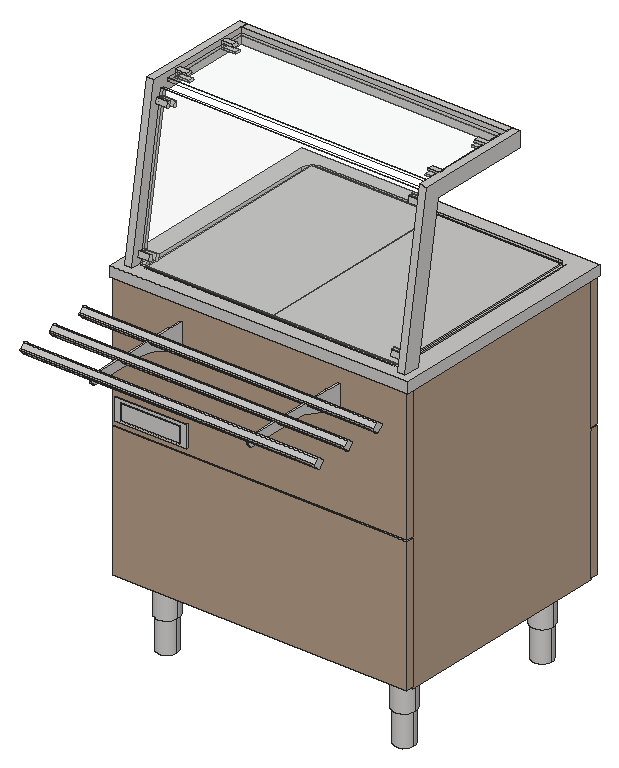
Revit family "QF_ELECTROLUXPROFESSIONAL_322084_F04H2AF01W", category Specialty Equipment, Revit 2018
Family settings
  Round Connector Dimension = Use Diameter
  Part Type = Normal
  Work Plane-Based = No
  Always vertical = Yes
  Cut with Voids When Loaded = No
  Shared = No
  Room Calculation Point = No
Parameters
  Weight = 80.00 kg
  Watts = 0 W
  Volts = 0 V
  URL Manufacturer = ""
  URL = ""
  Steam Supply Size = 0 mm
  Steam Supply Minimum Pressure = 0.0 Pa
  Steam Supply Maximum Pressure = 0.0 Pa
  Steam Pounds per Hour = 0
  Show Clearance [instance] = yes
  Refrigeration Suction Line Size = 0 mm
  Refrigeration Liquid Line Size = 0 mm
  Refrigerant Compressor Remote = yes
  Manufacturer = ""
  Phase = 0
  Model = ""
  Length Actual = 770 mm  # constant formula
  Item Number = ""
  Hot Water Size = 0 mm
  Height Actual = 1304 mm  # constant formula
  HP = "0 HP"
  Gas Size = 0 mm
  Gas KW = 0
  Gas Input Pressure = 0 W
  Direct Waste Size = 0 mm
  Description = ""
  Depth Actual = 915 mm  # constant formula
  Cycle = 0 Hz
  Condensate Return Size = 0 mm
  Compressed Air Volume = 0.0 L/s
  Compressed Air Size = 0 mm
  Compressed Air Pressure = 0.0 Pa
  Cold Water Size = 0 mm
  Accessory = yes
Types (2, lengths in mm): name | Volts | URL Manufacturer | URL | Manufacturer | Phase | Model | Item Number | Description | Cycle
  (no name) | 0 V | "" | "" | "" | 0 | "" | "" | "" | 0 Hz
  Standard | 220 V | "http://professional.electrolux.com" | "http://professional.electrolux.com" | "Electrolux Professional" | 1 | "F04H2AF01W" | "322084" | "TEMPERED GLASS TOP, 2GN H=900MM OVERSHELF W/LED LIGHTS" | 60 Hz
Reference planes
  plane 1 "Centro (Fronte/Retro)": y = 74.737
  plane 2: z = 0
  plane 3 "BACK": y = 384.737
  plane 4 "FRONT": y = -235.263
  plane 5: z = 900
  plane 6 "RIGHT": x = -129.269
  plane 7 "LEFT": x = -899.269
  plane 8: x = -514.269
  plane 9: y = 664.737
  plane 10: y = -530.02
  plane 11: z = 178
  plane 12: z = 1304
  plane 13: z = 1222
  plane 14: y = 297.737
  plane 15: y = -148.263
  plane 16: x = -821.269
  plane 17: x = -207.269
  plane 18: x = -895.269
  plane 19: y = -231.263
  plane 20: x = -133.269
  plane 21: y = 380.737
  plane 22: z = 874
  plane 23: y = 362.737
  plane 24: y = -213.263
  plane 25: z = 182
  plane 26: z = 527
  plane 27: z = 531
  plane 28: x = -308.269
  plane 29: x = -720.269
  plane 30: x = -877.394
  plane 31: x = -151.144
  plane 32: x = -171.144
  plane 33: x = -857.394
  plane 34: x = -849.269
  plane 35: x = -179.269
  plane 36: y = 130.237
  plane 37: y = 19.237
  plane 38: y = 33.237
  plane 39: y = 116.237
  plane 40: x = -787.269
  plane 41: x = -234.269
Forms (mm)
  Extrusion 1, solid, material "QF_Finishes_Wood"
    sketch origin (0, 0, 0) x (1, 0, 0) y (0, 1, 0)
      loop
        line (-895.269, 362.737) -> (-895.269, -213.263) -> (-133.269, -213.263) -> (-133.269, 362.737) -> (-895.269, 362.737)
    from 178 to 874
  Extrusion 2, solid, material "QF_Finishes_Wood"
    sketch origin (-133.269, 362.737, 0) x (0, -1, 0) y (0, 0, -1)
      loop
        line (576, -182) -> (576, -527) -> (594, -527) -> (594, -182) -> (576, -182)
      loop
        line (576, -531) -> (576, -874) -> (594, -874) -> (594, -531) -> (576, -531)
    from 0 to -762
  Extrusion 3, solid, material "QF_Finishes_Wood"
    sketch origin (-133.269, -213.263, 0) x (0, 1, 0) y (0, 0, 1)
      loop
        line (576, 531) -> (594, 531) -> (594, 874) -> (576, 874) -> (576, 531)
    from 0 to -762
  Extrusion 4, solid, material "QF_Finishes_Stainless Steel"
    sketch origin (0, 0, 0) x (1, 0, 0) y (0, 1, 0)
      loop
        line (-899.269, 384.737) -> (-899.269, -235.263) -> (-129.269, -235.263) -> (-129.269, 384.737) -> (-899.269, 384.737)
    from 874 to 900
  Extrusion 5, solid, material "QF_Finishes_Stainless Steel"
    sketch origin (-313.269, 362.737, 0) x (0, -1, 0) y (0, 0, -1)
      loop
        arc (628.84, -832.7) -> (632.082, -833.911) -> (635.519, -834.32) r 14.5
        line (635.519, -834.32) -> (675.715, -834.32) -> (689.858, -820.177) -> (704, -834.32) -> (770.715, -834.32) -> (784.858, -820.177) -> (799, -834.32) -> (865.716, -834.32) -> (879.858, -820.177) -> (887.686, -828.005) -> (887.686, -821.352)
        arc (887.686, -821.352) -> (887.303, -819.435) -> (886.214, -817.81) r 4.999
        line (886.214, -817.81) -> (881.179, -812.776)
        arc (881.179, -812.776) -> (879.559, -811.698) -> (877.651, -811.32) r 5
        line (877.651, -811.32) -> (732.206, -811.32)
        arc (732.206, -811.32) -> (708.662, -809.221) -> (685.86, -802.991) r 133.106
        line (685.86, -802.991) -> (638.285, -785.32) -> (597.679, -770.12) -> (594, -770.12) -> (594, -832.7) -> (628.84, -832.7)
    from 0 to 5
  Extrusion 6, solid, material "QF_Finishes_Wood"
    sketch origin (419.731, -213.263, -348) x (0, 1, 0) y (0, 0, 1)
      loop
        line (576, 530) -> (594, 530) -> (594, 875) -> (576, 875) -> (576, 530)
    from -553 to -658.044
  Extrusion 7, solid, material "QF_Finishes_Wood"
    sketch origin (-234.269, -213.263, -348) x (0, 1, 0) y (0, 0, 1)
      loop
        line (576, 530) -> (594, 530) -> (594, 875) -> (576, 875) -> (576, 530)
    from -548.963 to -661
  Extrusion 8, solid, material "QF_Door-Drawer Clearances", visible <- "Show Clearance"
    sketch origin (0, -4, 0) x (1, 0, 0) y (0, 1, 0)
      loop
        line (-783.232, 384.737) -> (-238.312, 384.737) -> (-710.987, 657.636)
        arc (-710.987, 657.636) -> (-765.12, 525.955) -> (-783.232, 384.737) r 544.001
    from 182 to 527
  Extrusion 9, solid, material "QF_Finishes_Stainless Steel"
    sketch origin (-720.269, 362.737, 0) x (0, -1, 0) y (0, 0, -1)
      loop
        arc (628.84, -832.7) -> (632.082, -833.911) -> (635.519, -834.32) r 14.5
        line (635.519, -834.32) -> (675.715, -834.32) -> (689.858, -820.177) -> (704, -834.32) -> (770.715, -834.32) -> (784.858, -820.177) -> (799, -834.32) -> (865.716, -834.32) -> (879.858, -820.177) -> (887.686, -828.005) -> (887.686, -821.352)
        arc (887.686, -821.352) -> (887.303, -819.435) -> (886.214, -817.81) r 4.999
        line (886.214, -817.81) -> (881.179, -812.776)
        arc (881.179, -812.776) -> (879.559, -811.698) -> (877.651, -811.32) r 5
        line (877.651, -811.32) -> (732.206, -811.32)
        arc (732.206, -811.32) -> (708.662, -809.221) -> (685.86, -802.991) r 133.106
        line (685.86, -802.991) -> (638.285, -785.32) -> (597.679, -770.12) -> (594, -770.12) -> (594, -832.7) -> (628.84, -832.7)
    from 0 to 5
  Extrusion 10, solid, material "QF_Finishes_Stainless Steel"
    sketch origin (-133.269, 362.737, 0) x (0, -1, 0) y (0, 0, -1)
      loop
        line (881.983, -846.337) -> (891.875, -836.445)
        arc (891.875, -836.445) -> (892.757, -834.322) -> (891.879, -832.198) r 3
        line (891.879, -832.198) -> (881.979, -822.299)
        arc (881.979, -822.299) -> (879.858, -821.42) -> (877.737, -822.299) r 3
        line (877.737, -822.299) -> (867.837, -832.198)
        arc (867.837, -832.198) -> (866.958, -834.32) -> (867.837, -836.441) r 3
        line (867.837, -836.441) -> (877.737, -846.34)
        arc (877.737, -846.34) -> (879.86, -847.219) -> (881.983, -846.337) r 3
      loop
        line (786.979, -846.34) -> (796.879, -836.441)
        arc (796.879, -836.441) -> (797.757, -834.32) -> (796.879, -832.198) r 3
        line (796.879, -832.198) -> (786.979, -822.299)
        arc (786.979, -822.299) -> (784.858, -821.42) -> (782.737, -822.299) r 3
        line (782.737, -822.299) -> (772.837, -832.198)
        arc (772.837, -832.198) -> (771.958, -834.317) -> (772.833, -836.437) r 3
        line (772.833, -836.437) -> (782.741, -846.345)
        arc (782.741, -846.345) -> (784.861, -847.219) -> (786.979, -846.34) r 3
      loop
        line (691.976, -846.343) -> (701.882, -836.438)
        arc (701.882, -836.438) -> (702.757, -834.318) -> (701.879, -832.198) r 3
        line (701.879, -832.198) -> (691.979, -822.299)
        arc (691.979, -822.299) -> (689.858, -821.42) -> (687.737, -822.299) r 3
        line (687.737, -822.299) -> (677.837, -832.198)
        arc (677.837, -832.198) -> (676.958, -834.32) -> (677.837, -836.441) r 3
        line (677.837, -836.441) -> (687.737, -846.34)
        arc (687.737, -846.34) -> (689.856, -847.219) -> (691.976, -846.343) r 3
    from 0 to -762
  Extrusion 11, solid, material "QF_Finishes_Stainless Steel"
    sketch origin (-133.269, 362.737, 0) x (0, -1, 0) y (0, 0, -1)
      loop
        line (206.477, -1264.379) -> (206.477, -1304) -> (507.108, -1304) -> (578.344, -900) -> (537.727, -900) -> (473.477, -1264.379) -> (206.477, -1264.379)
    from -17.875 to -37.875
  Extrusion 12, solid, material "QF_Finishes_Stainless Steel"
    sketch origin (-895.269, 362.737, 0) x (0, -1, 0) y (0, 0, 1)
      loop
        line (206.477, 1264.379) -> (473.477, 1264.379) -> (537.727, 900) -> (578.344, 900) -> (507.108, 1304) -> (206.477, 1304) -> (206.477, 1264.379)
    from -17.875 to -37.875
  Extrusion 13, solid, material "QF_Finishes_Glass"
    sketch origin (-133.269, -231.263, 531) x (0, 0, 1) y (-1, 0, 0)
      loop
        line (757.879, 46) -> (765.879, 46) -> (765.879, 716) -> (757.879, 716) -> (757.879, 46)
    from -361.5 to -120.204
  Extrusion 14, solid, material "QF_Finishes_Stainless Steel"
    sketch origin (0, 0, 0) x (1, 0, 0) y (0, 1, 0)
      loop
        line (-857.394, 156.26) -> (-857.394, 136.26) -> (-171.144, 136.26) -> (-171.144, 156.26) -> (-857.394, 156.26)
    from 1264.379 to 1304
  Extrusion 15, solid, material "QF_Finishes_Glass"
    sketch origin (-133.269, 362.737, 0) x (0, -1, 0) y (0, 0, -1)
      loop
        line (494.569, -1282.974) -> (562.097, -900) -> (553.974, -900) -> (486.445, -1282.974) -> (494.569, -1282.974)
    from -46 to -716
  Extrusion 16, solid, material "QF_Finishes_Stainless Steel"
    sketch origin (-133.269, -64.263, 531) x (0, 0, 1) y (-1, 0, 0)
      loop
        line (765.879, 691.5) -> (770.879, 693.5) -> (770.879, 724.125) -> (750.879, 724.125) -> (750.879, 716) -> (751.974, 716) -> (751.974, 685.938) -> (755.879, 687.5) -> (755.879, 717) -> (765.879, 717) -> (765.879, 691.5)
    from 0 to 14
  Extrusion 17, solid, material "QF_Finishes_Stainless Steel"
    sketch origin (-133.269, 85.737, 531) x (0, 0, 1) y (-1, 0, 0)
      loop
        line (765.879, 691.5) -> (770.879, 693.5) -> (770.879, 724.125) -> (750.879, 724.125) -> (750.879, 716) -> (751.974, 716) -> (751.974, 685.938) -> (755.879, 687.5) -> (755.879, 717) -> (765.879, 717) -> (765.879, 691.5)
    from 0 to 14
  Extrusion 18, solid, material "QF_Finishes_Stainless Steel"
    sketch origin (-895.269, -64.263, 531) x (0, 0, 1) y (-1, 0, 0)
      loop
        line (765.879, -691.5) -> (765.879, -717) -> (755.879, -717) -> (755.879, -687.5) -> (751.974, -685.938) -> (751.974, -716) -> (750.879, -716) -> (750.879, -724.125) -> (770.879, -724.125) -> (770.879, -693.5) -> (765.879, -691.5)
    from 0 to 14
  Extrusion 19, solid, material "QF_Finishes_Stainless Steel"
    sketch origin (-895.269, 85.737, 531) x (0, 0, 1) y (-1, 0, 0)
      loop
        line (765.879, -691.5) -> (765.879, -717) -> (755.879, -717) -> (755.879, -687.5) -> (751.974, -685.938) -> (751.974, -716) -> (750.879, -716) -> (750.879, -724.125) -> (770.879, -724.125) -> (770.879, -693.5) -> (765.879, -691.5)
    from 0 to 14
  Extrusion 20, solid, material "QF_Finishes_Stainless Steel"
    sketch origin (-895.269, 619.458, 1129.907) x (0, -0.984808, 0.173648) y (-1, 0, 0)
      loop
        line (765.879, -691.5) -> (765.879, -717) -> (755.879, -717) -> (755.879, -687.5) -> (751.974, -685.938) -> (751.974, -716) -> (750.879, -716) -> (750.879, -724.125) -> (770.879, -724.125) -> (770.879, -693.5) -> (765.879, -691.5)
    from 0 to 14
  Extrusion 21, solid, material "QF_Finishes_Stainless Steel"
    sketch origin (-133.269, 619.458, 1129.907) x (0, -0.984808, 0.173648) y (-1, 0, 0)
      loop
        line (765.879, 691.5) -> (770.879, 693.5) -> (770.879, 724.125) -> (750.879, 724.125) -> (750.879, 716) -> (751.974, 716) -> (751.974, 685.938) -> (755.879, 687.5) -> (755.879, 717) -> (765.879, 717) -> (765.879, 691.5)
    from 0 to 14
  Extrusion 22, solid, material "QF_Finishes_Stainless Steel"
    sketch origin (-895.269, 562.154, 799.389) x (0, -0.984808, 0.173648) y (-1, 0, 0)
      loop
        line (765.879, -691.5) -> (765.879, -717) -> (755.879, -717) -> (755.879, -687.5) -> (751.974, -685.938) -> (751.974, -716) -> (750.879, -716) -> (750.879, -724.125) -> (770.879, -724.125) -> (770.879, -693.5) -> (765.879, -691.5)
    from 0 to 14
  Extrusion 23, solid, material "QF_Finishes_Stainless Steel"
    sketch origin (-133.269, 562.154, 799.389) x (0, -0.984808, 0.173648) y (-1, 0, 0)
      loop
        line (765.879, 691.5) -> (770.879, 693.5) -> (770.879, 724.125) -> (750.879, 724.125) -> (750.879, 716) -> (751.974, 716) -> (751.974, 685.938) -> (755.879, 687.5) -> (755.879, 717) -> (765.879, 717) -> (765.879, 691.5)
    from 0 to 14
  Extrusion 24, solid, material "QF_Finishes_Wood"
    sketch origin (314.688, -213.263, -348) x (0, 1, 0) y (0, 0, 1)
      loop
        line (576, 530) -> (594, 530) -> (594, 875) -> (576, 875) -> (576, 530)
    from -553 to -1097.92
  Extrusion 25, solid, material "QF_Finishes_Stainless Steel"
    sketch origin (0, 3.4, 0) x (1, 0, 0) y (0, 1, 0)
      loop
        circle (-196.269, 121.337) r 10
    from 178 to 166
  Extrusion 26, solid, material "QF_Finishes_Stainless Steel"
    sketch origin (-1028.537, 3.4, 0) x (-1, 0, 0) y (0, -1, 0)
      loop
        circle (-196.269, -121.337) r 10
    from 178 to 166
  Extrusion 27, void
    sketch origin (0, 0, 0) x (1, 0, 0) y (0, 1, 0)
      loop
        line (-849.269, 320.392) -> (-849.269, -170.918)
        arc (-849.269, -170.918) -> (-843.384, -188.763) -> (-828.039, -199.608) r 30
        line (-828.039, -199.608) -> (-200.498, -199.608)
        arc (-200.498, -199.608) -> (-185.153, -188.763) -> (-179.269, -170.918) r 30
        line (-179.269, -170.918) -> (-179.269, 320.392)
        arc (-179.269, 320.392) -> (-188.055, 341.606) -> (-209.269, 350.392) r 30
        line (-209.269, 350.392) -> (-819.269, 350.392)
        arc (-819.269, 350.392) -> (-840.482, 341.606) -> (-849.269, 320.392) r 30
    from 681.633 to 900
Cuts and joins
  Extrusion 27 cuts Extrusion 1
  Extrusion 27 cuts Extrusion 4
  Extrusion 27 cuts Extrusion 15
Lines and regions (mm)
  symbolic lines
    curve 1: line (-129.269, 384.737, 0) -> (-129.269, -235.263, 0)
    curve 2: line (-899.269, -235.263, 0) -> (-899.269, 384.737, 0)
    curve 3: line (-899.269, 384.737, 0) -> (-129.269, 384.737, 0)
    curve 4: line (-899.269, -235.263, 0) -> (-129.269, -235.263, 0)
    curve 5: line (-179.269, -64.263, 0) -> (-179.269, 71.737, 0)
    curve 6: line (-849.269, 71.737, 0) -> (-849.269, -64.263, 0)
    curve 7: line (-877.394, 156.26, 0) -> (-151.144, 156.26, 0)
    curve 8: line (-151.144, 156.26, 0) -> (-151.144, -215.607, 0)
    curve 9: line (-151.144, -215.607, 0) -> (-171.144, -215.607, 0)
    curve 10: line (-171.144, -215.607, 0) -> (-171.144, 156.26, 0)
    curve 11: line (-171.144, 136.26, 0) -> (-857.394, 136.26, 0)
    curve 12: line (-857.394, 156.26, 0) -> (-857.394, -215.607, 0)
    curve 13: line (-857.394, -215.607, 0) -> (-877.394, -215.607, 0)
    curve 14: line (-877.394, -215.607, 0) -> (-877.394, 156.26, 0)
    curve 15: line (-877.394, -144.371, 0) -> (-857.394, -144.371, 0)
    curve 16: line (-171.144, -144.371, 0) -> (-151.144, -144.371, 0)
    curve 17: line (-849.269, 130.237, 0) -> (-849.269, 85.737, 0)
    curve 18: line (-849.269, 130.237, 0) -> (-179.269, 130.237, 0)
    curve 19: line (-179.269, 130.237, 0) -> (-179.269, 85.737, 0)
    curve 20: line (-179.269, -78.263, 0) -> (-179.269, -111.059, 0)
    curve 21: line (-171.144, 85.737, 0) -> (-203.769, 85.737, 0)
    curve 22: line (-203.769, 85.737, 0) -> (-203.769, 71.737, 0)
    curve 23: line (-203.769, 71.737, 0) -> (-171.144, 71.737, 0)
    curve 24: line (-171.144, -64.263, 0) -> (-203.769, -64.263, 0)
    curve 25: line (-203.769, -64.263, 0) -> (-203.769, -78.263, 0)
    curve 26: line (-203.769, -78.263, 0) -> (-171.144, -78.263, 0)
    curve 27: line (-857.394, -64.263, 0) -> (-824.769, -64.263, 0)
    curve 28: line (-824.769, -64.263, 0) -> (-824.769, -78.263, 0)
    curve 29: line (-824.769, -78.263, 0) -> (-857.394, -78.263, 0)
    curve 30: line (-857.394, 85.737, 0) -> (-824.769, 85.737, 0)
    curve 31: line (-824.769, 85.737, 0) -> (-824.769, 71.737, 0)
    curve 32: line (-824.769, 71.737, 0) -> (-857.394, 71.737, 0)
    curve 33: line (-857.394, -142.14, 0) -> (-826.769, -142.14, 0)
    curve 34: line (-826.769, -142.14, 0) -> (-826.769, -139.709, 0)
    curve 35: line (-826.769, -139.709, 0) -> (-857.394, -139.709, 0)
    curve 36: line (-826.769, -142.14, 0) -> (-824.769, -137.216, 0)
    curve 37: line (-850.269, -134.785, 0) -> (-824.769, -134.785, 0)
    curve 38: line (-850.269, -134.785, 0) -> (-850.269, -124.937, 0)
    curve 39: line (-850.269, -124.937, 0) -> (-849.269, -124.937, 0)
    curve 40: line (-850.269, -127.368, 0) -> (-849.269, -127.368, 0)
    curve 41: line (-857.394, -120.013, 0) -> (-849.269, -120.013, 0)
    curve 42: line (-849.269, -120.013, 0) -> (-849.269, -121.091, 0)
    curve 43: line (-849.269, -121.091, 0) -> (-819.207, -121.091, 0)
    curve 44: line (-819.207, -121.091, 0) -> (-819.207, -123.708, 0)
    curve 45: line (-819.207, -121.091, 0) -> (-820.269, -123.708, 0)
    curve 46: line (-826.769, -139.709, 0) -> (-824.769, -134.785, 0)
    curve 47: line (-824.769, -134.785, 0) -> (-824.769, -137.216, 0)
    curve 48: line (-849.269, -123.708, 0) -> (-849.269, -134.785, 0)
    curve 49: line (-179.269, -131.831, 0) -> (-179.269, -123.708, 0)
    curve 50: line (-179.269, -123.708, 0) -> (-849.269, -123.708, 0)
    curve 51: line (-171.144, -142.14, 0) -> (-201.769, -142.14, 0)
    curve 52: line (-201.769, -142.14, 0) -> (-201.769, -139.709, 0)
    curve 53: line (-201.769, -139.709, 0) -> (-171.144, -139.709, 0)
    curve 54: line (-201.769, -142.14, 0) -> (-203.769, -137.216, 0)
    curve 55: line (-178.269, -134.785, 0) -> (-203.769, -134.785, 0)
    curve 56: line (-178.269, -134.785, 0) -> (-178.269, -124.937, 0)
    curve 57: line (-178.269, -124.937, 0) -> (-179.269, -124.937, 0)
    curve 58: line (-178.269, -127.368, 0) -> (-179.269, -127.368, 0)
    curve 59: line (-171.144, -120.013, 0) -> (-179.269, -120.013, 0)
    curve 60: line (-179.269, -120.013, 0) -> (-179.269, -121.091, 0)
    curve 61: line (-179.269, -121.091, 0) -> (-209.331, -121.091, 0)
    curve 62: line (-209.331, -121.091, 0) -> (-209.331, -123.708, 0)
    curve 63: line (-209.331, -121.091, 0) -> (-208.268, -123.708, 0)
    curve 64: line (-201.769, -139.709, 0) -> (-203.769, -134.785, 0)
    curve 65: line (-203.769, -134.785, 0) -> (-203.769, -137.216, 0)
    curve 66: line (-179.269, -123.708, 0) -> (-179.269, -134.785, 0)
    curve 67: line (-849.269, -142.14, 0) -> (-849.269, -192.089, 0)
    curve 68: line (-849.269, -177.317, 0) -> (-857.394, -177.317, 0)
    curve 69: line (-849.269, -182.241, 0) -> (-850.269, -182.241, 0)
    curve 70: line (-850.269, -184.672, 0) -> (-849.269, -184.672, 0)
    curve 71: line (-850.269, -182.241, 0) -> (-850.269, -192.089, 0)
    curve 72: line (-850.269, -192.089, 0) -> (-824.779, -192.089, 0)
    curve 73: line (-826.769, -197.013, 0) -> (-824.779, -192.089, 0)
    curve 74: line (-824.779, -192.089, 0) -> (-824.779, -194.52, 0)
    curve 75: line (-826.769, -199.444, 0) -> (-824.779, -194.52, 0)
    curve 76: line (-826.769, -197.013, 0) -> (-826.769, -199.444, 0)
    curve 77: line (-857.394, -199.444, 0) -> (-826.769, -199.444, 0)
    curve 78: line (-826.769, -197.013, 0) -> (-857.394, -197.013, 0)
    curve 79: line (-179.269, -177.317, 0) -> (-171.144, -177.317, 0)
    curve 80: line (-179.269, -182.241, 0) -> (-178.269, -182.241, 0)
    curve 81: line (-178.269, -184.672, 0) -> (-179.269, -184.672, 0)
    curve 82: line (-178.269, -182.241, 0) -> (-178.269, -192.089, 0)
    curve 83: line (-178.269, -192.089, 0) -> (-203.758, -192.089, 0)
    curve 84: line (-201.769, -197.013, 0) -> (-203.758, -192.089, 0)
    curve 85: line (-203.758, -192.089, 0) -> (-203.758, -194.52, 0)
    curve 86: line (-201.769, -199.444, 0) -> (-203.758, -194.52, 0)
    curve 87: line (-201.769, -197.013, 0) -> (-201.769, -199.444, 0)
    curve 88: line (-171.144, -199.444, 0) -> (-201.769, -199.444, 0)
    curve 89: line (-201.769, -197.013, 0) -> (-171.144, -197.013, 0)
    curve 90: line (-826.735, -199.36, 0) -> (-201.803, -199.36, 0)
    curve 91: line (-849.269, -78.263, 0) -> (-849.269, -111.059, 0)
    curve 92: line (-849.269, -111.059, 0) -> (-179.269, -111.059, 0)
    curve 93: line (-849.269, -131.831, 0) -> (-179.269, -131.831, 0)
    curve 94: line (-179.269, -142.14, 0) -> (-179.269, -192.089, 0)
    curve 95: line (-899.269, -235.263, 0) -> (-899.269, -530.02, 0)
    curve 96: line (-899.269, -530.02, 0) -> (-129.269, -530.02, 0)
    curve 97: line (-129.269, -530.02, 0) -> (-129.269, -235.263, 0)
  symbolic lines, style "QF_Door-Drawer Clearances"
    curve 98: line (-245.24, 384.737, 0) -> (-710.987, 653.636, 0)
    curve 99: arc (-710.987, 653.636, 0) -> (-764.605, 523.887, 0) -> (-783.232, 384.737, 0) r 544.001
    curve 100: line (-285.24, 384.737, 0) -> (-720.987, 636.316, 0)
  symbolic lines, style "SpecialityEquipmentHiddenLines"
    curve 101: line (-836.769, 339.737, 0) -> (-836.769, -190.263, 0)
    curve 102: line (-836.769, -190.263, 0) -> (-191.769, -190.263, 0)
    curve 103: line (-191.769, 339.737, 0) -> (-836.769, 339.737, 0)
    curve 104: line (-191.769, -190.263, 0) -> (-191.769, 339.737, 0)
    curve 105: line (-513.269, 339.737, 0) -> (-513.269, -190.263, 0)
    curve 106: line (-515.269, -190.263, 0) -> (-515.269, 339.737, 0)
Dimensions and locks
  plane 7 "LEFT" to plane 6 "RIGHT" = 770 mm
  equal spacing: plane 3 "BACK", plane 1 "Centro (Fronte/Retro)", plane 4 "FRONT"
  plane 3 "BACK" to plane 4 "FRONT" = 620 mm
  equal spacing: plane 7 "LEFT", plane 8, plane 6 "RIGHT"
  locked: plane 9 to plane 3 "BACK" at 280
  locked: plane 4 "FRONT" to plane 10 at 294.757
  locked: plane 11 to plane 2 at 178
  locked: plane 5 to plane 2 at 900
  locked: plane 12 to plane 2 at 1304
  locked: plane 13 to plane 2 at 1222
  locked: plane 3 "BACK" to plane 14 at 87
  locked: plane 7 "LEFT" to plane 16 at 78
  locked: plane 17 to plane 6 "RIGHT" at 78
  locked: plane 15 to plane 4 "FRONT" at 87
  locked: plane 3 "BACK" to plane 21 at 4
  locked: plane 7 "LEFT" to plane 18 at 4
  locked: plane 20 to plane 6 "RIGHT" at 4
  locked: plane 19 to plane 4 "FRONT" at 4
  locked: plane 5 to plane 22 at 26
  locked: plane 24 to plane 19 at 18
  locked: plane 21 to plane 23 at 18
  locked: plane 20 to plane 28 at 175
  locked: plane 29 to plane 18 at 175
  equal spacing: plane 30, plane 8, plane 31
  plane 30 to plane 31 = 726.25 mm
  locked: plane 30 to plane 33 at 20
  locked: plane 32 to plane 31 at 20
  equal spacing: plane 34, plane 8, plane 35
  plane 34 to plane 35 = 670 mm
  equal spacing: plane 36, plane 1 "Centro (Fronte/Retro)", plane 37
  plane 36 to plane 37 = 111 mm
  locked: plane 36 to plane 39 at 14
  locked: plane 38 to plane 37 at 14
  locked: plane 41 to plane 6 "RIGHT" at 105
  locked: plane 7 "LEFT" to plane 40 at 112
  plane 16 to plane 7 "LEFT" = 78 mm
  plane 6 "RIGHT" to plane 17 = 78 mm
  angle Extrusion 8 sketch curve to Extrusion 8 sketch curve = 30.00°
  aligned and locked: level to plane 2
  aligned and locked: Extrusion 1 sketch curve to plane 23
  aligned and locked: plane 18 to Extrusion 1 sketch curve
  aligned and locked: plane 24 to Extrusion 1 sketch curve
  aligned and locked: Extrusion 1 sketch curve to plane 20
  aligned and locked: plane 22 to Extrusion 1
  aligned and locked: Extrusion 1 to plane 11
  aligned and locked: plane 25 to Extrusion 2 sketch curve
  aligned and locked: Extrusion 2 sketch curve to plane 24  (x2)
  aligned and locked: Extrusion 2 sketch curve to plane 26
  aligned and locked: plane 19 to Extrusion 2 sketch curve  (x2)
  aligned and locked: plane 27 to Extrusion 2 sketch curve
  aligned and locked: Extrusion 2 sketch curve to plane 22
  aligned and locked: Extrusion 2 to plane 18
  aligned and locked: Extrusion 3 to plane 18
  aligned and locked: Extrusion 4 sketch curve to plane 3 "BACK"
  aligned and locked: plane 7 "LEFT" to Extrusion 4 sketch curve
  aligned and locked: plane 4 "FRONT" to Extrusion 4 sketch curve
  aligned and locked: Extrusion 4 sketch curve to plane 6 "RIGHT"
  aligned and locked: Extrusion 4 to plane 22
  aligned and locked: plane 20 to Extrusion 6
  aligned and locked: Extrusion 7 to plane 18
  aligned and locked: plane 26 to Extrusion 8
  aligned and locked: Extrusion 6 to plane 25
  aligned and locked: Extrusion 7 to plane 25
  aligned and locked: plane 16 to nested 1
  aligned and locked: plane 17 to nested 2
  aligned and locked: nested 2 to plane 15
  aligned and locked: nested 1 to plane 15
  aligned and locked: nested 3 to plane 14
  aligned and locked: plane 16 to nested 4
  aligned and locked: plane 20 to Extrusion 10
  aligned and locked: Extrusion 10 to plane 18
  aligned and locked: nested 4 to plane 14
  aligned and locked: Extrusion 11 to plane 31
  aligned and locked: Extrusion 11 to plane 32
  aligned and locked: plane 33 to Extrusion 12
  aligned and locked: Extrusion 12 to plane 30
  aligned and locked: Extrusion 14 sketch curve to plane 32
  aligned and locked: plane 33 to Extrusion 14 sketch curve
  aligned and locked: Extrusion 14 to Extrusion 11
  aligned and locked: Extrusion 15 to plane 34
  aligned and locked: plane 35 to Extrusion 15
  aligned and locked: plane 33 to Extrusion 16 sketch curve
  aligned and locked: Extrusion 13 sketch curve to plane 35
  aligned and locked: plane 34 to Extrusion 13 sketch curve
Automatic sketch dimensions
  Extrusion 1 to Extrusion 3 sketch curve = 0 mm
  Extrusion 3 sketch curve to Extrusion 1 = 0 mm
  Extrusion 3 sketch curve to Extrusion 3 sketch curve = 18 mm
  Extrusion 3 sketch curve to Extrusion 3 sketch curve = 343 mm
  Extrusion 5 sketch curve to plane 19 = 0 mm
  plane 4 "FRONT" to Extrusion 5 sketch curve = 0.321 mm
  Extrusion 5 sketch curve to plane 4 "FRONT" = 30.84 mm
  Extrusion 5 sketch curve to Extrusion 5 sketch curve = 6.66 mm
  Extrusion 5 sketch curve to Extrusion 5 sketch curve = 6.678 mm
  Extrusion 5 sketch curve to Extrusion 5 sketch curve = 2.785 mm
  Extrusion 5 sketch curve to Extrusion 5 sketch curve = 40.197 mm
  Extrusion 5 sketch curve to Extrusion 5 sketch curve = 10.145 mm
  Extrusion 5 sketch curve to Extrusion 5 sketch curve = 3.998 mm
  Extrusion 5 sketch curve to plane 22 = 39.68 mm  (x3)
  Extrusion 5 sketch curve to Extrusion 5 sketch curve = 14.142 mm  (x3)
  Extrusion 5 sketch curve to Extrusion 5 sketch curve = 28.206 mm
  Extrusion 5 sketch curve to Extrusion 5 sketch curve = 38.51 mm
  Extrusion 5 sketch curve to Extrusion 5 sketch curve = 14.143 mm
  plane 10 to Extrusion 5 sketch curve = 27.042 mm
  plane 10 to Extrusion 5 sketch curve = 15.107 mm
  Extrusion 5 sketch curve to Extrusion 5 sketch curve = 2.207 mm
  Extrusion 5 sketch curve to Extrusion 5 sketch curve = 3.528 mm  (x2)
  Extrusion 5 sketch curve to Extrusion 5 sketch curve = 2.829 mm
  plane 10 to Extrusion 5 sketch curve = 5.072 mm
  Extrusion 5 sketch curve to Extrusion 5 sketch curve = 1.62 mm
  Extrusion 5 sketch curve to Extrusion 5 sketch curve = 6.314 mm
  Extrusion 5 sketch curve to Extrusion 5 sketch curve = 6.653 mm
  Extrusion 5 sketch curve to Extrusion 5 sketch curve = 1.175 mm
  Extrusion 5 sketch curve to Extrusion 5 sketch curve = 3.858 mm
  Extrusion 5 sketch curve to Extrusion 5 sketch curve = 3.543 mm
  Extrusion 5 sketch curve to Extrusion 5 sketch curve = 23 mm
  Extrusion 5 sketch curve to Extrusion 5 sketch curve = 17.187 mm
  Extrusion 5 sketch curve to Extrusion 5 sketch curve = 34.499 mm
  Extrusion 5 sketch curve to Extrusion 5 sketch curve = 15.2 mm
  Extrusion 5 sketch curve to Extrusion 5 sketch curve = 0 mm
  Extrusion 6 sketch curve to plane 23 = 0 mm
  Extrusion 6 sketch curve to plane 21 = 0 mm
  Extrusion 6 sketch curve to plane 25 = 0 mm
  Extrusion 6 sketch curve to plane 26 = 0 mm
  Extrusion 7 sketch curve to plane 23 = 0 mm
  Extrusion 7 sketch curve to plane 21 = 0 mm
  Extrusion 7 sketch curve to plane 25 = 0 mm
  Extrusion 7 sketch curve to plane 26 = 0 mm
  Extrusion 9 sketch curve to plane 19 = 0 mm
  plane 4 "FRONT" to Extrusion 9 sketch curve = 0.321 mm
  Extrusion 9 sketch curve to plane 4 "FRONT" = 30.84 mm
  Extrusion 9 sketch curve to Extrusion 9 sketch curve = 6.66 mm
  Extrusion 9 sketch curve to Extrusion 9 sketch curve = 6.678 mm
  Extrusion 9 sketch curve to Extrusion 9 sketch curve = 2.785 mm
  Extrusion 9 sketch curve to Extrusion 9 sketch curve = 40.197 mm
  Extrusion 9 sketch curve to Extrusion 9 sketch curve = 10.145 mm
  Extrusion 9 sketch curve to Extrusion 9 sketch curve = 3.998 mm
  Extrusion 9 sketch curve to plane 22 = 39.68 mm  (x3)
  Extrusion 9 sketch curve to Extrusion 9 sketch curve = 14.142 mm  (x3)
  Extrusion 9 sketch curve to Extrusion 9 sketch curve = 28.206 mm
  Extrusion 9 sketch curve to Extrusion 9 sketch curve = 38.51 mm
  Extrusion 9 sketch curve to Extrusion 9 sketch curve = 14.143 mm
  plane 10 to Extrusion 9 sketch curve = 27.042 mm
  plane 10 to Extrusion 9 sketch curve = 15.107 mm
  Extrusion 9 sketch curve to Extrusion 9 sketch curve = 2.207 mm
  Extrusion 9 sketch curve to Extrusion 9 sketch curve = 3.528 mm  (x2)
  Extrusion 9 sketch curve to Extrusion 9 sketch curve = 2.829 mm
  plane 10 to Extrusion 9 sketch curve = 5.072 mm
  Extrusion 9 sketch curve to Extrusion 9 sketch curve = 1.62 mm
  Extrusion 9 sketch curve to Extrusion 9 sketch curve = 6.314 mm
  Extrusion 9 sketch curve to Extrusion 9 sketch curve = 6.653 mm
  Extrusion 9 sketch curve to Extrusion 9 sketch curve = 1.175 mm
  Extrusion 9 sketch curve to Extrusion 9 sketch curve = 3.858 mm
  Extrusion 9 sketch curve to Extrusion 9 sketch curve = 3.543 mm
  Extrusion 9 sketch curve to Extrusion 9 sketch curve = 23 mm
  Extrusion 9 sketch curve to Extrusion 9 sketch curve = 17.187 mm
  Extrusion 9 sketch curve to Extrusion 9 sketch curve = 34.499 mm
  Extrusion 9 sketch curve to Extrusion 9 sketch curve = 15.2 mm
  Extrusion 9 sketch curve to Extrusion 9 sketch curve = 0 mm
  Extrusion 1 to Extrusion 11 sketch curve = 206.477 mm
  Extrusion 1 to Extrusion 11 sketch curve = 102.523 mm
  Extrusion 11 sketch curve to Extrusion 11 sketch curve = 33.631 mm
  Extrusion 1 to Extrusion 11 sketch curve = 38.273 mm
  Extrusion 11 sketch curve to Extrusion 1 = 2.344 mm
  Extrusion 11 sketch curve to Extrusion 1 = 430 mm
  Extrusion 11 sketch curve to Extrusion 11 sketch curve = 39.621 mm
  Extrusion 11 sketch curve to Extrusion 1 = 26 mm
  Extrusion 12 sketch curve to plane 12 = 0 mm
  Extrusion 12 sketch curve to plane 5 = 0 mm
  plane 36 to Extrusion 12 sketch curve = 26.023 mm
  plane 15 to Extrusion 12 sketch curve = 37.523 mm
  plane 15 to Extrusion 12 sketch curve = 3.892 mm
  Extrusion 12 sketch curve to plane 15 = 26.727 mm
  Extrusion 12 sketch curve to plane 24 = 2.344 mm
  Extrusion 12 sketch curve to plane 12 = 39.621 mm
  Extrusion 13 sketch curve to plane 12 = 15.121 mm
  Extrusion 13 sketch curve to plane 12 = 7.121 mm
  plane 36 to Extrusion 14 sketch curve = 6.023 mm
  Extrusion 14 sketch curve to Extrusion 14 sketch curve = 20 mm
  Extrusion 15 sketch curve to plane 5 = 0 mm
  plane 15 to Extrusion 15 sketch curve = 24.555 mm
  Extrusion 15 sketch curve to Extrusion 15 sketch curve = 8.123 mm  (x2)
  plane 24 to Extrusion 15 sketch curve = 22.026 mm
  Extrusion 15 sketch curve to plane 12 = 21.026 mm
  Extrusion 16 sketch curve to plane 34 = 0 mm
  Extrusion 16 sketch curve to plane 12 = 22.121 mm
  Extrusion 16 sketch curve to Extrusion 16 sketch curve = 1.095 mm
  plane 16 to Extrusion 16 sketch curve = 0.5 mm
  Extrusion 16 sketch curve to Extrusion 16 sketch curve = 3.905 mm
  Extrusion 16 sketch curve to plane 34 = 1 mm
  Extrusion 16 sketch curve to plane 12 = 7.121 mm
  Extrusion 16 sketch curve to plane 12 = 2.121 mm
  plane 16 to Extrusion 16 sketch curve = 2.062 mm
  Extrusion 16 sketch curve to plane 16 = 3.5 mm
  Extrusion 16 sketch curve to Extrusion 16 sketch curve = 2 mm
  Extrusion 17 sketch curve to plane 34 = 0 mm
  Extrusion 17 sketch curve to plane 33 = 0 mm
  Extrusion 17 sketch curve to plane 12 = 22.121 mm
  Extrusion 17 sketch curve to Extrusion 17 sketch curve = 1.095 mm
  plane 16 to Extrusion 17 sketch curve = 0.5 mm
  Extrusion 17 sketch curve to Extrusion 17 sketch curve = 3.905 mm
  Extrusion 17 sketch curve to plane 34 = 1 mm
  Extrusion 17 sketch curve to plane 12 = 7.121 mm
  Extrusion 17 sketch curve to plane 12 = 2.121 mm
  plane 16 to Extrusion 17 sketch curve = 2.062 mm
  Extrusion 17 sketch curve to plane 16 = 3.5 mm
  Extrusion 17 sketch curve to Extrusion 17 sketch curve = 2 mm
  Extrusion 18 sketch curve to plane 35 = 0 mm
  Extrusion 18 sketch curve to plane 32 = 0 mm
  Extrusion 18 sketch curve to plane 12 = 22.121 mm
  Extrusion 18 sketch curve to Extrusion 18 sketch curve = 1.095 mm
  Extrusion 18 sketch curve to plane 17 = 0.5 mm
  Extrusion 18 sketch curve to Extrusion 18 sketch curve = 3.905 mm
  plane 35 to Extrusion 18 sketch curve = 1 mm
  Extrusion 18 sketch curve to plane 12 = 7.121 mm
  Extrusion 18 sketch curve to plane 12 = 2.121 mm
  plane 17 to Extrusion 18 sketch curve = 5.5 mm
  plane 17 to Extrusion 18 sketch curve = 3.5 mm
  Extrusion 18 sketch curve to plane 17 = 2.062 mm
  Extrusion 19 sketch curve to plane 35 = 0 mm
  Extrusion 19 sketch curve to plane 32 = 0 mm
  Extrusion 19 sketch curve to plane 12 = 22.121 mm
  Extrusion 19 sketch curve to Extrusion 19 sketch curve = 1.095 mm
  Extrusion 19 sketch curve to plane 17 = 0.5 mm
  Extrusion 19 sketch curve to Extrusion 19 sketch curve = 3.905 mm
  plane 35 to Extrusion 19 sketch curve = 1 mm
  Extrusion 19 sketch curve to plane 12 = 7.121 mm
  Extrusion 19 sketch curve to plane 12 = 2.121 mm
  plane 17 to Extrusion 19 sketch curve = 5.5 mm
  plane 17 to Extrusion 19 sketch curve = 3.5 mm
  Extrusion 19 sketch curve to plane 17 = 2.062 mm
  plane 35 to Extrusion 20 sketch curve = 0 mm
  Extrusion 20 sketch curve to Extrusion 20 sketch curve = 1.095 mm
  Extrusion 20 sketch curve to plane 17 = 0.5 mm
  Extrusion 20 sketch curve to Extrusion 20 sketch curve = 3.905 mm
  plane 35 to Extrusion 20 sketch curve = 1 mm
  Extrusion 20 sketch curve to Extrusion 20 sketch curve = 10 mm
  Extrusion 20 sketch curve to Extrusion 20 sketch curve = 5 mm
  plane 32 to Extrusion 20 sketch curve = 0 mm
  plane 17 to Extrusion 20 sketch curve = 5.5 mm
  plane 17 to Extrusion 20 sketch curve = 3.5 mm
  Extrusion 20 sketch curve to plane 17 = 2.062 mm
  Extrusion 21 sketch curve to plane 34 = 0 mm
  Extrusion 21 sketch curve to Extrusion 21 sketch curve = 1.095 mm
  plane 16 to Extrusion 21 sketch curve = 0.5 mm
  Extrusion 21 sketch curve to Extrusion 21 sketch curve = 3.905 mm
  Extrusion 21 sketch curve to plane 34 = 1 mm
  Extrusion 21 sketch curve to Extrusion 21 sketch curve = 10 mm
  Extrusion 21 sketch curve to Extrusion 21 sketch curve = 5 mm
  plane 16 to Extrusion 21 sketch curve = 2.062 mm
  Extrusion 21 sketch curve to plane 16 = 3.5 mm
  Extrusion 21 sketch curve to Extrusion 21 sketch curve = 2 mm
  Extrusion 21 sketch curve to plane 33 = 0 mm
  plane 35 to Extrusion 22 sketch curve = 0 mm
  Extrusion 22 sketch curve to Extrusion 22 sketch curve = 1.095 mm
  Extrusion 22 sketch curve to plane 17 = 0.5 mm
  Extrusion 22 sketch curve to Extrusion 22 sketch curve = 3.905 mm
  plane 35 to Extrusion 22 sketch curve = 1 mm
  Extrusion 22 sketch curve to Extrusion 22 sketch curve = 10 mm
  Extrusion 22 sketch curve to Extrusion 22 sketch curve = 5 mm
  plane 32 to Extrusion 22 sketch curve = 0 mm
  plane 17 to Extrusion 22 sketch curve = 5.5 mm
  plane 17 to Extrusion 22 sketch curve = 3.5 mm
  Extrusion 22 sketch curve to plane 17 = 2.062 mm
  Extrusion 23 sketch curve to plane 34 = 0 mm
  Extrusion 23 sketch curve to Extrusion 23 sketch curve = 1.095 mm
  plane 16 to Extrusion 23 sketch curve = 0.5 mm
  Extrusion 23 sketch curve to Extrusion 23 sketch curve = 3.905 mm
  Extrusion 23 sketch curve to plane 34 = 1 mm
  Extrusion 23 sketch curve to Extrusion 23 sketch curve = 10 mm
  Extrusion 23 sketch curve to Extrusion 23 sketch curve = 5 mm
  plane 16 to Extrusion 23 sketch curve = 2.062 mm
  Extrusion 23 sketch curve to plane 16 = 3.5 mm
  Extrusion 23 sketch curve to Extrusion 23 sketch curve = 2 mm
  Extrusion 23 sketch curve to plane 33 = 0 mm
  Extrusion 24 sketch curve to plane 23 = 0 mm
  Extrusion 24 sketch curve to plane 21 = 0 mm
  Extrusion 24 sketch curve to plane 25 = 0 mm
  Extrusion 24 sketch curve to plane 26 = 0 mm
  Extrusion 8 sketch curve to plane 21 = 0 mm
  Extrusion 8 sketch curve to plane 3 "BACK" = 2 mm
  plane 41 to Extrusion 8 sketch curve = 4.966 mm
  Extrusion 8 sketch curve to Extrusion 8 sketch curve = 0.923 mm
  Extrusion 8 sketch curve to plane 40 = 4.037 mm
  Extrusion 1 to Extrusion 10 sketch curve = 39.68 mm
  Extrusion 10 sketch curve to Extrusion 1 = 103.958 mm
  Extrusion 10 sketch curve to Extrusion 10 sketch curve = 9.899 mm  (x8)
  Extrusion 1 to Extrusion 10 sketch curve = 27.657 mm
  Extrusion 10 sketch curve to Extrusion 10 sketch curve = 2.118 mm  (x3)
  Extrusion 1 to Extrusion 10 sketch curve = 37.562 mm
  Extrusion 10 sketch curve to Extrusion 10 sketch curve = 2.124 mm  (x2)
  Extrusion 1 to Extrusion 10 sketch curve = 37.563 mm
  Extrusion 10 sketch curve to Extrusion 10 sketch curve = 70.951 mm
  Extrusion 1 to Extrusion 10 sketch curve = 41.802 mm  (x6)
  Extrusion 10 sketch curve to Extrusion 10 sketch curve = 0.004 mm
  Extrusion 10 sketch curve to Extrusion 10 sketch curve = 2.126 mm
  Extrusion 1 to Extrusion 10 sketch curve = 27.655 mm
  Extrusion 10 sketch curve to Extrusion 10 sketch curve = 9.908 mm
  Extrusion 10 sketch curve to Extrusion 10 sketch curve = 2.117 mm
  Extrusion 1 to Extrusion 10 sketch curve = 27.66 mm  (x3)
  Extrusion 10 sketch curve to Extrusion 10 sketch curve = 2.121 mm  (x17)
  Extrusion 1 to Extrusion 10 sketch curve = 51.701 mm  (x6)
  Extrusion 1 to Extrusion 10 sketch curve = 37.559 mm  (x3)
  Extrusion 10 sketch curve to Extrusion 10 sketch curve = 70.958 mm
  Extrusion 10 sketch curve to Extrusion 10 sketch curve = 0 mm  (x12)
  Extrusion 1 to Extrusion 10 sketch curve = 27.663 mm
  Extrusion 10 sketch curve to Extrusion 10 sketch curve = 2.125 mm
  Extrusion 10 sketch curve to Extrusion 10 sketch curve = 9.9 mm
  Extrusion 1 to Extrusion 10 sketch curve = 37.555 mm
  plane 17 to Extrusion 25 sketch curve = 11 mm
  Extrusion 25 sketch curve to plane 36 = 5.5 mm
  plane 16 to Extrusion 26 sketch curve = 11 mm
  plane 36 to Extrusion 26 sketch curve = 5.5 mm
  curve 95 to plane 7 "LEFT" = 0 mm
  curve 13 to plane 30 = 0 mm
  curve 27 to plane 33 = 0 mm
  curve 50 to plane 34 = 0 mm
  curve 68 to plane 34 = 0 mm
  curve 91 to plane 34 = 0 mm
  curve 18 to plane 34 = 0 mm
  curve 6 to plane 34 = 0 mm
  curve 20 to plane 35 = 0 mm
  curve 19 to plane 35 = 0 mm
  curve 94 to plane 35 = 0 mm
  curve 93 to plane 35 = 0 mm
  curve 5 to plane 35 = 0 mm
  curve 23 to plane 32 = 0 mm
  curve 16 to plane 31 = 0 mm
  curve 3 to plane 3 "BACK" = 0 mm
  curve 96 to plane 6 "RIGHT" = 0 mm
  curve 96 to plane 10 = 0 mm
  curve 4 to plane 4 "FRONT" = 0 mm
  plane 36 to curve 18 = 0 mm
  curve 37 to curve 48 = 1 mm
  curve 71 to plane 34 = 1 mm
  curve 42 to plane 34 = 0 mm
  curve 46 to plane 16 = 5.5 mm
  curve 73 to plane 16 = 5.5 mm
  curve 73 to curve 74 = 1.989 mm
  curve 37 to plane 16 = 3.5 mm
  curve 32 to plane 16 = 3.5 mm
  curve 27 to plane 16 = 3.5 mm
  plane 16 to curve 44 = 2.062 mm
  curve 61 to plane 17 = 2.062 mm
  plane 17 to curve 22 = 3.5 mm
  plane 17 to curve 24 = 3.5 mm
  plane 17 to curve 55 = 3.5 mm
  plane 17 to curve 85 = 3.511 mm
  curve 54 to curve 54 = 2 mm
  curve 85 to curve 84 = 1.989 mm
  plane 35 to curve 60 = 0 mm
  plane 35 to curve 57 = 1 mm
  plane 35 to curve 82 = 1 mm
  curve 14 to plane 24 = 2.344 mm
  curve 10 to plane 24 = 2.344 mm
  plane 24 to curve 86 = 13.819 mm
  plane 24 to curve 77 = 13.819 mm
  curve 75 to curve 78 = 2.431 mm
  curve 86 to curve 89 = 2.431 mm
  curve 84 to curve 85 = 2.493 mm
  curve 73 to curve 75 = 2.493 mm
  curve 85 to curve 83 = 2.431 mm
  curve 78 to curve 71 = 4.924 mm
  curve 82 to curve 80 = 9.848 mm
  curve 71 to curve 69 = 9.848 mm
  plane 15 to curve 36 = 6.122 mm
  plane 15 to curve 54 = 6.122 mm
  curve 51 to curve 64 = 2.431 mm
  curve 33 to curve 46 = 2.431 mm
  curve 52 to curve 54 = 2.493 mm
  curve 34 to curve 47 = 2.493 mm
  curve 54 to curve 65 = 2.431 mm
  curve 36 to curve 47 = 2.431 mm
  curve 66 to curve 93 = 2.954 mm
  curve 93 to curve 39 = 6.894 mm
  curve 49 to curve 57 = 6.894 mm
  curve 57 to curve 50 = 1.229 mm
  curve 62 to curve 63 = 2.617 mm
  curve 48 to curve 42 = 2.617 mm
  curve 60 to curve 59 = 1.078 mm
  curve 42 to curve 42 = 1.078 mm
  curve 59 to curve 92 = 8.954 mm
  curve 20 to curve 25 = 32.796 mm
  curve 91 to curve 29 = 32.796 mm
  curve 28 to curve 27 = 14 mm
  curve 25 to curve 25 = 14 mm
  plane 1 "Centro (Fronte/Retro)" to curve 31 = 3 mm
  plane 1 "Centro (Fronte/Retro)" to curve 23 = 3 mm
  curve 21 to plane 1 "Centro (Fronte/Retro)" = 11 mm
  curve 31 to plane 1 "Centro (Fronte/Retro)" = 11 mm
  plane 36 to curve 7 = 26.023 mm
  curve 75 to curve 90 = 0.034 mm
  plane 16 to curve 45 = 0.999 mm
  curve 63 to plane 17 = 0.999 mm
  curve 70 to curve 69 = 2.431 mm
  curve 81 to curve 80 = 2.431 mm
  curve 80 to curve 79 = 4.924 mm
  curve 69 to curve 68 = 4.924 mm
  curve 16 to curve 51 = 2.23 mm
  curve 15 to curve 33 = 2.23 mm
  curve 40 to curve 38 = 2.431 mm
  curve 58 to curve 57 = 2.431 mm
  plane 36 to curve 11 = 6.023 mm
  plane 21 to curve 99 = 4 mm
  plane 21 to curve 98 = 4 mm
  plane 29 to curve 98 = 9.281 mm
  curve 99 to plane 3 "BACK" = 2 mm
  plane 41 to curve 99 = 4.966 mm
  curve 98 to plane 9 = 11.101 mm
  curve 98 to curve 99 = 6.005 mm
  curve 100 to plane 29 = 0.719 mm
  plane 23 to curve 100 = 22 mm
  plane 41 to curve 100 = 50.972 mm
  curve 100 to curve 98 = 17.321 mm
  curve 102 to curve 73 = 10 mm
  curve 84 to curve 104 = 10 mm
  curve 73 to curve 101 = 6.75 mm
  curve 103 to plane 23 = 23 mm
  curve 106 to plane 8 = 1 mm
  plane 8 to curve 105 = 1 mm
  Extrusion 27 sketch curve to plane 34 = 0 mm
  Extrusion 27 sketch curve to plane 35 = 0 mm
  Extrusion 27 sketch curve to plane 16 = 6.77 mm
  plane 16 to Extrusion 27 sketch curve = 2 mm  (x2)
  Extrusion 27 sketch curve to plane 17 = 2 mm  (x2)
  plane 17 to Extrusion 27 sketch curve = 6.77 mm
  plane 24 to Extrusion 27 sketch curve = 13.655 mm
  plane 14 to Extrusion 27 sketch curve = 22.655 mm
  radius of Extrusion 25 sketch curve = 10 mm
  radius of Extrusion 26 sketch curve = 10 mm
Nested families
  nested 1: "Foot_Ø50_H150" at (-821.269, -148.263, 0), type "Foot_Ø50_H150"
  nested 2: "Foot_Ø50_H150" at (-207.269, -148.263, 0), type "Foot_Ø50_H150"
  nested 3: "Foot_Ø50_H150" at (-207.269, 297.737, 0), type "Foot_Ø50_H150"
  nested 4: "Foot_Ø50_H150" at (-821.269, 297.737, 0), type "Foot_Ø50_H150"
  nested 5: "Tempered Glass 770" at (0, 0, 0), type "Tempered Glass 770"
    with Show Clearance yes
  nested 6: "Controller_compact" at (-793.019, -231.263, 572.8) x (1, 0, 0) z (0, -1, 0), type "Controller_compact"
  nested 7: "Sun" at (-309.269, -45.263, 0), type "Sun"
Connectors
  electrical at (-196.269, 124.737, 166)
    settings: on Extrusion 25, index 7, voltage 0 V, apparent load 0 VA, apparent load phase1 0 VA, apparent load phase2 0 VA, apparent load phase3 0 VA, power factor 1, load classification "Other", number of poles 1, system type 31, power factor state 1, is connector primary yes, connector utility no, sub classification motor no, connector description ""
  piping at (-832.269, 124.737, 166), diameter 20
    settings: on Extrusion 26, index 8, connector inside diameter 609.6 mm, connector length 0 mm, flow factor 0, pipe flow 0.0 L/s, pressure drop 0.0 Pa, fitting loss kfactor 0, connector angle 0.00°, fixture units 0, engagement length 0 mm, angle of deflection 0.00°, flow configuration 1, flow direction 2, fitting loss method 0, system type 16, joint type 0, gender type 0, connector reference index -1, connector utility 0, adjustable connector no, is connector primary yes, connector description ""
Definition of nested family "Foot_Ø50_H150"
  Reference planes
    plane 1 "Centro (Fronte/Retro)": y = 0
    plane 2: z = 0
    plane 3 "Centro (Sinistra/Destra)": x = 0
    plane 4: z = 178
  Forms (mm)
    Revolve 1, solid
      sketch origin (255.05, 0, 608.09) x (0, 0, 1) y (-1, 0, 0)
        loop
          line (-608.09, 255.05) -> (-608.09, 230.05) -> (-526.09, 230.05) -> (-526.09, 226.05) -> (-430.09, 226.05) -> (-430.09, 255.05) -> (-608.09, 255.05)
        axis (-608.09, 255.05) -> (-430.09, 255.05)
      angle from 0 to 360
  Dimensions and locks
    Revolve 1 sketch curve to Revolve 1 sketch curve = 96 mm
    aligned and locked: level to plane 2
    aligned and locked: plane 4 to Revolve 1 sketch curve
    aligned and locked: Revolve 1 sketch curve to level
    aligned and locked: plane 3 "Centro (Sinistra/Destra)" to Revolve 1 sketch curve
Definition of nested family "Tempered Glass 770"
  Parameters (values of type "Tempered Glass 770")
    Show Clearance [instance] = yes
  Reference planes
    plane 1 "Centro (Fronte/Retro)": y = 74.737
    plane 2: z = 0
    plane 3 "BACK": y = 384.737
    plane 4 "FRONT": y = -235.263
    plane 5 "RIGHT": x = -129.269
    plane 6 "LEFT": x = -899.269
    plane 7: x = -514.269
    plane 8 "TOP": z = 900
    plane 9: y = 345.957
    plane 10: y = -196.483
    plane 11: x = -842.989
    plane 12: x = -185.549
    plane 13: z = 898
    plane 14: z = 821.78
    plane 15: z = 824.78
    plane 16: x = -191.769
    plane 17: x = -836.769
    plane 18: y = 339.737
    plane 19: y = -190.263
  Forms (mm)
    Extrusion 1, solid
      sketch origin (0, 0, 900) x (-1, 0, 0) y (0, -1, 0)
        loop
          line (842.989, -345.957) -> (842.989, 196.483) -> (185.549, 196.483) -> (185.549, -345.957) -> (842.989, -345.957)
      from -2 to -78.22
    Sweep 2, void
      path origin (0, 0, 900) x (-1, 0, 0) y (0, -1, 0)
        loop
          line (842.989, -345.957) -> (842.989, 196.483) -> (185.549, 196.483) -> (185.549, -345.957) -> (842.989, -345.957)
      profile origin (-514.269, 345.957, 900) x (0, 1, 0) y (0, 0, 1)
        loop
          line (0, -2) -> (-75, -78.22) -> (0, -78.22) -> (0, -2)
    Extrusion 3, solid
      sketch origin (0, 0, 900) x (-1, 0, 0) y (0, -1, 0)
        loop
          line (836.769, -339.737) -> (836.769, 190.263) -> (514.269, 190.263) -> (514.269, -339.737) -> (836.769, -339.737)
      from -2 to 0
    Extrusion 4, solid
      sketch origin (-1028.537, 0, 900) x (1, 0, 0) y (0, 1, 0)
        loop
          line (836.769, 339.737) -> (514.269, 339.737) -> (514.269, -190.263) -> (836.769, -190.263) -> (836.769, 339.737)
      from -2 to 0
  Cuts and joins
    Sweep 2 cuts Extrusion 1
  Dimensions and locks
    plane 6 "LEFT" to plane 5 "RIGHT" = 770 mm
    equal spacing: plane 3 "BACK", plane 1 "Centro (Fronte/Retro)", plane 4 "FRONT"
    plane 3 "BACK" to plane 4 "FRONT" = 620 mm
    equal spacing: plane 6 "LEFT", plane 7, plane 5 "RIGHT"
    locked: plane 8 "TOP" to plane 2 at 900
    locked: plane 3 "BACK" to plane 9 at 38.78
    locked: plane 10 to plane 4 "FRONT" at 38.78
    locked: plane 6 "LEFT" to plane 11 at 56.28
    locked: plane 12 to plane 5 "RIGHT" at 56.28
    locked: plane 8 "TOP" to plane 13 at 2
    plane 8 "TOP" to plane 14 = 78.22 mm
    locked: plane 15 to plane 14 at 3
    locked: plane 11 to plane 17 at 6.22
    locked: plane 16 to plane 12 at 6.22
    locked: plane 9 to plane 18 at 6.22
    locked: plane 19 to plane 10 at 6.22
    aligned and locked: level to plane 2
    aligned and locked: Extrusion 1 to plane 14
    aligned and locked: plane 11 to Extrusion 1 sketch curve
    aligned and locked: Extrusion 1 sketch curve to plane 9
    aligned and locked: Extrusion 1 sketch curve to plane 12
    aligned and locked: plane 10 to Extrusion 1 sketch curve
    aligned and locked: Extrusion 3 sketch curve to plane 18
    aligned and locked: plane 17 to Extrusion 3 sketch curve
    aligned and locked: plane 19 to Extrusion 3 sketch curve
    aligned and locked: plane 8 "TOP" to Extrusion 3
    aligned and locked: Extrusion 3 sketch curve to plane 7
  Automatic sketch dimensions
    Sweep 2 sketch curve to profile plane = 0 mm
    profile plane to Sweep 2 sketch curve = 75 mm
    Sweep 2 sketch curve to plane 8 "TOP" = 78.22 mm
    Sweep 2 sketch curve to plane 8 "TOP" = 2 mm
    Extrusion 4 sketch curve to plane 7 = 0 mm
    Extrusion 4 sketch curve to plane 16 = 0 mm
    Extrusion 4 sketch curve to plane 18 = 0 mm
    Extrusion 4 sketch curve to plane 19 = 0 mm
    Sweep 2 sketch curve to plane 9 = 0 mm
    Sweep 2 sketch curve to plane 12 = 0 mm
    Sweep 2 sketch curve to plane 10 = 0 mm
    Sweep 2 sketch curve to plane 11 = 0 mm
Definition of nested family "Controller_compact"
  Parameters
    Default Elevation = 1219.2 mm
  Reference planes
    plane 1 "Center (Front/Back)": y = 0
    plane 2: z = 0
    plane 3 "Center (Left/Right)": x = 0
    plane 4: x = -76
    plane 5: x = 76
    plane 6: y = -21
    plane 7: y = 21
    plane 8: x = -92.25
    plane 9: x = 92.25
    plane 10: y = -27.2
    plane 11: y = 27.2
  Forms (mm)
    Extrusion 1, solid
      sketch origin (0, 0, 0) x (1, 0, 0) y (0, 1, 0)
        loop
          line (-1219.2, 1219.2) -> (-1219.2, -1219.2) -> (1219.2, -1219.2) -> (1219.2, 1219.2) -> (-1219.2, 1219.2)
      from 0 to -304.8
    Extrusion 2, solid
      sketch origin (0, 0, 0) x (1, 0, 0) y (0, 1, 0)
        loop
          line (-76, 21) -> (-76, -21) -> (76, -21) -> (76, 21) -> (-76, 21)
      from 0 to 5
    Extrusion 3, solid
      sketch origin (0, 0, 0) x (1, 0, 0) y (0, 1, 0)
        loop
          line (-92.25, 27.2) -> (-92.25, -27.2) -> (92.25, -27.2) -> (92.25, 27.2) -> (-92.25, 27.2)
        loop
          line (-76, 21) -> (-76, -21) -> (76, -21) -> (76, 21) -> (-76, 21)
      from 0 to 5
  Lines and regions (mm)
    Split face 1
      outline origin (-14, 0, 5) x (1, 0, 0) y (0, 1, 0)
        loop
          line (-36, 10) -> (-36, -10) -> (-16, -10) -> (-16, 10) -> (-36, 10)
    Split face 2
      outline origin (26, 0, 5) x (1, 0, 0) y (0, 1, 0)
        loop
          line (-36, 10) -> (-36, -10) -> (-16, -10) -> (-16, 10) -> (-36, 10)
    Split face 3
      outline origin (98.5, 0, 5) x (1, 0, 0) y (0, 1, 0)
        loop
          line (-68.5, 10) -> (-68.5, -10) -> (-48.5, -10) -> (-48.5, 10) -> (-68.5, 10)
  Dimensions and locks
    equal spacing: plane 4, plane 3 "Center (Left/Right)", plane 5
    equal spacing: plane 7, plane 1 "Center (Front/Back)", plane 6
    plane 7 to plane 6 = 42 mm
    plane 4 to plane 5 = 152 mm
    equal spacing: plane 8, plane 3 "Center (Left/Right)", plane 9
    plane 8 to plane 9 = 184.5 mm
    equal spacing: plane 11, plane 1 "Center (Front/Back)", plane 10
    plane 11 to plane 10 = 54.4 mm
    aligned and locked: plane 2 to Extrusion 1
    aligned and locked: level to Extrusion 1
    aligned and locked: Extrusion 2 sketch curve to plane 7
    aligned and locked: plane 4 to Extrusion 2 sketch curve
    aligned and locked: plane 6 to Extrusion 2 sketch curve
    aligned and locked: Extrusion 2 sketch curve to plane 5
    aligned and locked: Extrusion 3 sketch curve to plane 11
    aligned and locked: plane 8 to Extrusion 3 sketch curve
    aligned and locked: plane 10 to Extrusion 3 sketch curve
    aligned and locked: Extrusion 3 sketch curve to plane 9
    aligned and locked: Extrusion 3 sketch curve to Extrusion 2  (x4)
    aligned and locked: Extrusion 3 to Extrusion 2
  Automatic sketch dimensions
    Extrusion 1 sketch curve to Extrusion 1 sketch curve = 2438.4 mm  (x2)
    Split face 1 sketch curve to Extrusion 2 = 11 mm  (x2)
    Split face 1 sketch curve to Extrusion 2 = 26 mm
    Split face 1 sketch curve to Split face 1 sketch curve = 20 mm
    Split face 2 sketch curve to Extrusion 2 = 11 mm  (x2)
    Split face 2 sketch curve to Extrusion 2 = 66 mm
    Split face 2 sketch curve to Split face 2 sketch curve = 20 mm
    Split face 3 sketch curve to Extrusion 2 = 11 mm  (x2)
    Split face 3 sketch curve to Extrusion 2 = 46 mm
    Split face 3 sketch curve to Split face 3 sketch curve = 20 mm
Definition of nested family "Sun"
  Reference planes
    plane 1 "Center (Front/Back)": y = 0
    plane 2: z = 0
    plane 3 "Center (Left/Right)": x = 0
  Lines and regions (mm)
    detail lines, in view "Ref. Level"
      curve 1: circle (0, 0, 0) r 35 normal (0, 0, 1)
      curve 2: line (-18, 31.177, 0) -> (-30, 51.962, 0)
      curve 3: line (0, 36, 0) -> (0, 60, 0)
      curve 4: line (18, 31.177, 0) -> (30, 51.962, 0)
      curve 5: line (31.177, 18, 0) -> (51.962, 30, 0)
      curve 6: line (36, 0, 0) -> (60, 0, 0)
      curve 7: line (31.177, -18, 0) -> (51.962, -30, 0)
      curve 8: line (18, -31.177, 0) -> (30, -51.962, 0)
      curve 9: line (0, -36, 0) -> (0, -60, 0)
      curve 10: line (-18, -31.177, 0) -> (-30, -51.962, 0)
      curve 11: line (-31.177, -18, 0) -> (-51.962, -30, 0)
      curve 12: line (-36, 0, 0) -> (-60, 0, 0)
      curve 13: line (-31.177, 18, 0) -> (-51.962, 30, 0)
